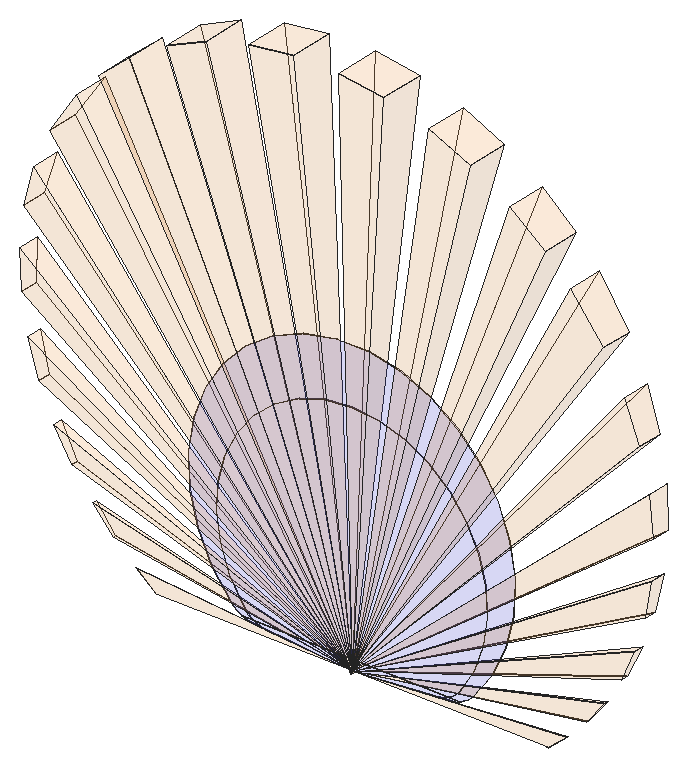
Revit family "Wall_Sensor-Dual-HCS-Switch", category Lighting Devices, host Face, Revit 2021
Family settings
  Host = Face
  Maintain Annotation Orientation = No
  Round Connector Dimension = Use Diameter
  Part Type = Normal
  OmniClass Number = 23.85.80.11.27
  OmniClass Title = Lighting Controls
  Cut with Voids When Loaded = No
  Shared = No
  Room Calculation Point = No
Parameters (values of type "LHMTS1")
  zz YesNo 2 = yes
  zz YesNo 1 = no
  zz Length 4 = 2.57"
  zz Length 3 = 1.70"
  zz Length 2 = 4.13"
  zz Length 1 = 1.72"
  Weight = 0.082 kg
  Wattage = 800 VA
  Warranty = "Five-year limited"  # constant formula
  Voltage = 120 V
  Ultrasonic Output = "40kHz output"  # constant formula
  Ultrasonic Minor Motion [instance] = yes
  Ultrasonic Major Motion [instance] = yes
  URL = "https://www.currentlighting.com/nxlightingcontrols"
  Type Comments = "Lighting Device"  # constant formula
  Time Delay = "4-30 minutes, self-adapts based on occupancy; Fixed mode: 4, 8, 15, and 30 minutes;Test mode: 5 seconds"  # constant formula
  Product Page URL = ""
  Product Material = Plastic - Light Almond
  Product Documentation Link = ""
  Power Factor = 1
  Photocell = "Natural light override range: 10-500 foot-candles"  # constant formula
  PIR Motion [instance] = yes
  Operating Temperature = "32° – 104°F (0° – 40°C)\r"  # constant formula
  Operating Mode = "Single Relay, One Button"
  Number of Poles = 1
  Mounting = "Single-gang NEMA-style switch box, Decorator-style wall plate sold separately"  # constant formula
  Model = "LHMTS1"
  Manufacturer = " NX Lighting Controls"  # constant formula
  Load Classification = Lighting
  Frequency = 60 Hz
  Field of View [instance] = yes
  Electrical Ratings = "120VAC; 277VAC; 347VAC"  # constant formula
  Description = "LightHAWK®2 Dual Technology Wall Switch Sensor"  # constant formula
  Default Elevation = 48.00"
  Coverage = "1,000 square-foot, 180° coverage area"  # constant formula
  Copyright = "Copyright © NX Lighting Controls"  # constant formula
  Contact Us = ""
  Connector Description 2 = "Controls"  # constant formula
  Connector Description 1 = "Power Supply"  # constant formula
  Certifications = "Listed UL and cUL"  # constant formula
  Assembly Code = "D5020120"
  Ambient Humidity Range = "0% to 95% Relative Humidity (non-condensing)"  # constant formula
Types (6): name | zz YesNo 2 | zz YesNo 1 | Operating Mode | Model
  LHMTS0 | no | no | "Single Relay, No Buttons" | "LHMTS0"
  LHMTS1 | yes | no | "Single Relay, One Button" | "LHMTS1"
  LHMTD0 | no | no | "Dual Relay(One Input / Two Outputs), No Buttons" | "LHMTD0"
  LHMTD2 | yes | yes | "Dual Relay(One Input / Two Outputs), Two Buttons" | "LHMTD2"
  LHDCMTD0 | no | no | "Dual Circuit(Two Inputs / Two Outputs), No Buttons" | "LHDCMTD0"
  LHDCMTD2 | yes | yes | "Dual Circuit(Two Inputs / Two Outputs), Two Buttons" | "LHDCMTD2"
Reference planes (in)
  plane 1 "Center (Front/Back)": y = 0
  plane 2: z = 0
  plane 3 "Center (Left/Right)": x = 0
  plane 4: x = -0.86
  plane 5: x = 0.86
  plane 6: y = 1.285
  plane 7: y = -1.285
  plane 8: x = 0.40844
  plane 9: x = -0.40844
  plane 10: y = 1.13865
  plane 11: y = 0.26347
  plane 12: y = -1.35
  plane 13: y = 1.35
  plane 14: z = 0.04
  plane 15: z = 0.57
  plane 16: x = 0.57326
  plane 17: x = -0.57326
  plane 18: y = -0.58465
  plane 19: y = -0.6664
  plane 20: y = -0.71099
  plane 21: y = -0.77292
  plane 22: y = -0.81751
  plane 23: y = -0.87944
  plane 24: y = -0.91659
  plane 25: y = -0.981
  plane 26: y = -1.01816
  plane 27: y = -1.08504
  plane 28: z = -1.13
  plane 29: y = -0.45397
  plane 30: y = -0.246
  plane 31: y = -0.16212
  plane 32: y = 0.04585
  plane 33: x = 1.25
  plane 34: x = -1.25
  plane 35: y = 2
  plane 36: y = -2
  plane 37: z = 0.28666
Forms (in)
  Blend 1, solid, material "Plastic - Light Almond" <- "Product Material"
    base sketch origin (0, 0, 0) x (1, 0, 0) y (0, 1, 0)
      loop
        line (-0.86, 1.35) -> (-0.86, -1.35) -> (0.86, -1.35) -> (0.86, 1.35) -> (-0.86, 1.35)
    top sketch origin (0, 0, 0) x (1, 0, 0) y (0, 1, 0)
      loop
        line (-0.65844, 1.285) -> (-0.65844, -1.285) -> (0.65844, -1.285) -> (0.65844, 1.285) -> (-0.65844, 1.285)
    from 0 to 0.57
  Extrusion 2, void
    sketch origin (0, 0, 0) x (1, 0, 0) y (0, 1, 0)
      loop
        line (-0.57326, -0.58465) -> (-0.57326, -0.6664) -> (0.57326, -0.6664) -> (0.57326, -0.58465) -> (-0.57326, -0.58465)
      loop
        line (-0.57326, -0.71099) -> (-0.57326, -0.77292) -> (0.57326, -0.77292) -> (0.57326, -0.71099) -> (-0.57326, -0.71099)
      loop
        line (-0.57326, -0.81751) -> (-0.57326, -0.87944) -> (0.57326, -0.87944) -> (0.57326, -0.81751) -> (-0.57326, -0.81751)
      loop
        line (-0.57326, -0.91659) -> (-0.57326, -0.981) -> (0.57326, -0.981) -> (0.57326, -0.91659) -> (-0.57326, -0.91659)
      loop
        line (-0.57326, -1.01816) -> (-0.57326, -1.08504) -> (0.57326, -1.08504) -> (0.57326, -1.01816) -> (-0.57326, -1.01816)
    from 0.04 to 0.57
  Extrusion 3, solid, material "Plastic - Light Almond" <- "Product Material"
    sketch origin (0, 0, 0) x (1, 0, 0) y (0, 0, 1)
      loop
        line (-0.86, 0) -> (-0.86, -1.13) -> (0.86, -1.13) -> (0.86, 0) -> (-0.86, 0)
    from -1.35 to 1.35
  Blend 4, solid, material "Plastic - Light Almond" <- "Product Material"
    base sketch origin (0, 0, 0) x (1, 0, 0) y (0, 1, 0)
      loop
        line (-0.75844, 1.31875) -> (-0.75844, -1.31875) -> (0.75844, -1.31875) -> (0.75844, 1.31875) -> (-0.75844, 1.31875)
    top sketch origin (0, 0, 0) x (1, 0, 0) y (0, 1, 0)
      loop
        line (-1.25, 2) -> (-1.25, -2) -> (1.25, -2) -> (1.25, 2) -> (-1.25, 2)
    from 0.28666 to 0
Cuts and joins
  Extrusion 2 cuts Blend 1
Lines and regions (in)
  model lines, style "Model"
    curve 1: line (-0.40844, 1.13865, 0.57) -> (0.40844, 1.13865, 0.57)
    curve 2: line (0.40844, 0.26347, 0.57) -> (-0.40844, 0.26347, 0.57)
    curve 3: line (0.40844, 1.13865, 0.57) -> (0.40844, 0.26347, 0.57)
    curve 79: line (-0.40844, 1.13865, 0.57) -> (-0.40844, 0.26347, 0.57)
  model lines, style "Model", visible <- "zz YesNo 1"
    curve 4: line (-0.40844, 0.04585, 0.57) -> (0.40844, 0.04585, 0.57)
    curve 5: line (0.40844, -0.16212, 0.57) -> (-0.40844, -0.16212, 0.57)
    curve 6: line (0.40844, 0.04585, 0.57) -> (0.40844, -0.16212, 0.57)
    curve 80: line (-0.40844, -0.16212, 0.57) -> (-0.40844, 0.04585, 0.57)
  symbolic lines, style "Symbolic Lines"
    curve 7: line (0.65844, 2.07051, 0) -> (-0.65844, 2.07051, 0)
    curve 8: line (0.65844, 1.74291, 0) -> (0.65844, 2.07051, 0)
    curve 9: line (0.40844, 1.74291, 0) -> (0.65844, 1.74291, 0)
    curve 10: line (-0.65844, 2.07051, 0) -> (-0.65844, 1.74291, 0)
    curve 11: line (-0.40844, 1.74291, 0) -> (-0.40844, 1.35, 0)
    curve 12: line (0.40844, 1.35, 0) -> (0.40844, 1.74291, 0)
    curve 13: line (0.86, 1.35, 0) -> (0.40844, 1.35, 0)
    curve 14: line (0.86, -1.35, 0) -> (0.86, 1.35, 0)
    curve 15: line (-0.86, 1.35, 0) -> (-0.86, -1.35, 0)
    curve 16: line (-0.40844, 1.35, 0) -> (-0.86, 1.35, 0)
    curve 17: line (0.40844, -1.74291, 0) -> (0.40844, -1.35, 0)
    curve 18: line (0.65844, -1.74291, 0) -> (0.40844, -1.74291, 0)
    curve 19: line (0.65844, -2.07051, 0) -> (0.65844, -1.74291, 0)
    curve 20: line (-0.65844, -2.07051, 0) -> (0.65844, -2.07051, 0)
    curve 21: line (-0.65844, -1.74291, 0) -> (-0.65844, -2.07051, 0)
    curve 22: line (-0.40844, -1.74291, 0) -> (-0.65844, -1.74291, 0)
    curve 23: line (-0.40844, -1.35, 0) -> (-0.40844, -1.74291, 0)
    curve 24: line (0.40844, -1.35, 0) -> (0.86, -1.35, 0)
    curve 25: line (-0.40844, -1.35, 0) -> (-0.86, -1.35, 0)
    curve 26: line (-0.40844, 1.74291, 0) -> (-0.65844, 1.74291, 0)
    curve 27: line (0.86, 0, -1.13) -> (0.86, 0, 0)
    curve 28: line (-0.86, 0, 0) -> (-0.86, 0, -1.13)
    curve 29: line (-0.86, 0, -1.13) -> (0.86, 0, -1.13)
    curve 30: line (0.40844, 0, 0.57) -> (-0.40844, 0, 0.57)
    curve 31: arc (0.40844, 0, 0.57) -> (0.59136, 0, 0.52027) -> (0.72393, 0, 0.38478) r 0.36131
    curve 32: line (-0.72393, 0, 0.38478) -> (-0.86, 0, 0)
    curve 33: line (0.72393, 0, 0.38478) -> (0.86, 0, 0)
    curve 34: line (0, -1.35, -1.13) -> (0, 1.35, -1.13)
    curve 35: line (0, -1.35, 0) -> (0, -1.35, -1.13)
    curve 36: line (0, 1.35, -1.13) -> (0, 1.35, 0)
    curve 37: line (0, 1.35, 0) -> (0, 1.74291, 0)
    curve 38: line (0, 1.74291, 0) -> (0, 2.07051, 0)
    curve 39: line (0, -1.61273, 0) -> (0, -1.35, 0)
    curve 40: line (0, -1.94034, 0) -> (0, -1.61273, 0)
    curve 41: line (0, 2.07051, 0) -> (0, 1.74291, 0)
    curve 42: line (0, 1.74291, 0) -> (0, 1.35, 0)
    curve 43: line (0, -1.35, 0) -> (0, -1.61273, 0)
    curve 44: line (0, -1.61273, 0) -> (0, -1.94034, 0)
    curve 45: line (0, -0.58465, 0.57) -> (0, -0.58465, 0.53036)
    curve 46: line (0, -0.58465, 0.53036) -> (0, -0.6664, 0.53036)
    curve 47: line (0, -0.6664, 0.53036) -> (0, -0.6664, 0.57)
    curve 48: line (0, -0.71099, 0.57) -> (0, -0.71099, 0.53036)
    curve 49: line (0, -0.71099, 0.53036) -> (0, -0.77292, 0.53036)
    curve 50: line (0, -0.77292, 0.53036) -> (0, -0.77292, 0.57)
    curve 51: line (0, -0.81751, 0.53036) -> (0, -0.87944, 0.53036)
    curve 52: line (0, -0.87944, 0.53036) -> (0, -0.87944, 0.57)
    curve 53: line (0, -0.91659, 0.57) -> (0, -0.91659, 0.53036)
    curve 54: line (0, -1.01816, 0.53036) -> (0, -1.08504, 0.53036)
    curve 55: line (0, -1.01816, 0.57) -> (0, -1.01816, 0.53036)
    curve 56: line (0, -1.08504, 0.53036) -> (0, -1.08504, 0.57)
    curve 57: line (0, -0.58465, 0.57) -> (0, 1.285, 0.57)
    curve 58: line (0, -1.285, 0.57) -> (0, -1.08504, 0.57)
    curve 59: line (0, -1.01816, 0.57) -> (0, -0.981, 0.57)
    curve 60: line (0, -0.91659, 0.57) -> (0, -0.87944, 0.57)
    curve 61: line (0, -0.81751, 0.57) -> (0, -0.77292, 0.57)
    curve 62: line (0, -0.71099, 0.57) -> (0, -0.6664, 0.57)
    curve 63: line (0, 1.285, 0.57) -> (0, 1.35, 0)
    curve 64: line (0, -1.285, 0.57) -> (0, -1.35, 0)
    curve 78: arc (-0.40844, 0, 0.57) -> (-0.59136, 0, 0.52027) -> (-0.72393, 0, 0.38478) r 0.36131
  model lines, style "Model", visible <- "zz YesNo 2"
    curve 65: line (-0.40844, -0.246, 0.57) -> (0.40844, -0.246, 0.57)
    curve 66: line (0.40844, -0.45397, 0.57) -> (-0.40844, -0.45397, 0.57)
    curve 67: line (0.40844, -0.246, 0.57) -> (0.40844, -0.45397, 0.57)
    curve 81: line (-0.40844, -0.246, 0.57) -> (-0.40844, -0.45397, 0.57)
  symbolic lines
    curve 68: line (-0.86, 1.35, 0) -> (0.86, 1.35, 0)
    curve 69: line (-0.86, -1.35, 0) -> (-0.86, 1.35, 0)
    curve 70: line (0.86, -1.35, 0) -> (-0.86, -1.35, 0)
    curve 71: line (0.86, 1.35, 0) -> (0.86, -1.35, 0)
    curve 82: line (0, -0.91659, 0.53036) -> (0, -0.981, 0.53036)
    curve 83: line (0, -0.981, 0.53036) -> (0, -0.981, 0.57)
    curve 84: line (0, -0.81751, 0.53036) -> (0, -0.81751, 0.57)
    curve 85: line (-1.25, 2, 0) -> (1.25, 2, 0)
    curve 86: line (-1.25, -2, 0) -> (-1.25, 2, 0)
    curve 87: line (1.25, -2, 0) -> (-1.25, -2, 0)
    curve 88: line (1.25, 2, 0) -> (1.25, -2, 0)
    curve 93: line (1.25, 0, 0) -> (-1.25, 0, 0)
    curve 94: line (-1.25, 0, 0) -> (-0.75868, 0, 0.28651)
    curve 95: line (1.25, 0, 0) -> (0.75868, 0, 0.28651)
  reference lines
    curve 72: line (-0.73803, 0, 0.57) -> (-0.73803, 0, 0.36887)
    curve 73: line (-0.73803, 0, 0.57) -> (-0.40844, 0, 0.57)
    curve 74: arc (-0.73803, 0, 0.36887) -> (-0.60149, 0, 0.51575) -> (-0.40844, 0, 0.57) r 0.37062
    curve 75: line (0.73803, 0, 0.57) -> (0.73803, 0, 0.36887)
    curve 76: line (0.73803, 0, 0.57) -> (0.40844, 0, 0.57)
    curve 77: arc (0.73803, 0, 0.36887) -> (0.60149, 0, 0.51575) -> (0.40844, 0, 0.57) r 0.37062
  symbolic lines, detail levels fine
    curve 89: line (-0.86, 1.35, 0) -> (-1.25, 2, 0)
    curve 90: line (0.86, 1.35, 0) -> (1.25, 2, 0)
    curve 91: line (-0.86, -1.35, 0) -> (-1.25, -2, 0)
    curve 92: line (0.86, -1.35, 0) -> (1.25, -2, 0)
Dimensions and locks (in)
  "zz Length 1": plane 4 to plane 5
  equal spacing: plane 6, plane 1 "Center (Front/Back)", plane 7
  "zz Length 4": plane 6 to plane 7
  locked: plane 14 to level at 0.04
  locked: plane 15 to plane 14 at 0.53
  "zz Length 3": plane 15 to plane 28
  equal spacing: plane 4, plane 3 "Center (Left/Right)", plane 5
  plane 17 to plane 9 to plane 3 "Center (Left/Right)" to plane 8 to plane 16 = 0.16482" locked, 0.40844" locked, 0.40844" locked, 0.16482" locked
  plane 18 to plane 19 to plane 20 to plane 21 to plane 22 to plane 23 to plane 24 to plane 25 to plane 26 to plane 27 = 0.08175" locked, 0.04459" locked, 0.06193" locked, 0.04459" locked, 0.06193" locked, 0.03716" locked, 0.06441" locked, 0.03716" locked, 0.06688" locked
  plane 1 "Center (Front/Back)" to plane 11 to plane 10 to plane 6 to plane 13 = 0.26347", 0.87519", 0.14635", 0.065"
  plane 32 to plane 31 to plane 30 to plane 29 to plane 18 = 0.20797" locked, 0.08388" locked, 0.20797" locked, 0.13068" locked
  plane 13 to plane 1 "Center (Front/Back)" to plane 12 = 1.35" locked, 1.35" locked
  equal spacing: plane 34, plane 3 "Center (Left/Right)", plane 33, locked at 1.25 each
  equal spacing: plane 35, plane 1 "Center (Front/Back)", plane 36, locked at 2 each
  locked: plane 37 to plane 2 at 0.28666
  aligned and locked: plane 2 to host face
  aligned and locked: level to host face
  aligned and locked: Blend 1 sketch curve to plane 6
  aligned and locked: Blend 1 sketch curve to plane 7
  aligned and locked: plane 15 to Blend 1
  aligned and locked: curve 1 to plane 10
  aligned and locked: plane 11 to curve 2
  aligned and locked: plane 8 to curve 6
  aligned and locked: Extrusion 2 sketch curve to plane 18
  aligned and locked: plane 17 to Extrusion 2 sketch curve  (x5)
  aligned and locked: plane 19 to Extrusion 2 sketch curve
  aligned and locked: plane 16 to Extrusion 2 sketch curve  (x5)
  aligned and locked: Extrusion 2 sketch curve to plane 20
  aligned and locked: plane 21 to Extrusion 2 sketch curve
  aligned and locked: Extrusion 2 sketch curve to plane 22
  aligned and locked: plane 23 to Extrusion 2 sketch curve
  aligned and locked: Extrusion 2 sketch curve to plane 24
  aligned and locked: plane 25 to Extrusion 2 sketch curve
  aligned and locked: Extrusion 2 sketch curve to plane 26
  aligned and locked: plane 27 to Extrusion 2 sketch curve
  aligned and locked: Blend 1 to Extrusion 2
  aligned and locked: plane 8 to curve 3
  aligned and locked: plane 28 to Extrusion 3 sketch curve
  aligned and locked: plane 5 to Extrusion 3 sketch curve
  aligned and locked: plane 13 to Extrusion 3
  aligned and locked: plane 12 to Extrusion 3
  aligned and locked: nested 1 to plane 1 "Center (Front/Back)"
  aligned and locked: plane 3 "Center (Left/Right)" to nested 1
  aligned and locked: plane 5 to Blend 1 sketch curve
  aligned and locked: Blend 1 sketch curve to plane 12
  aligned and locked: plane 4 to Blend 1 sketch curve
  aligned and locked: Blend 1 sketch curve to plane 13
  aligned and locked: Extrusion 3 to plane 4
  aligned and locked: Extrusion 3 to plane 28
  aligned and locked: Extrusion 3 to plane 5
  aligned and locked: host face to Extrusion 3
  aligned and locked: plane 12 to curve 24
  aligned and locked: curve 25 to plane 12
  aligned and locked: cut or joined group of Blend 1, Extrusion 2 to curve 32
  aligned and locked: curve 33 to cut or joined group of Blend 1, Extrusion 2
  aligned and locked: plane 15 to curve 57
  aligned and locked: curve 58 to cut or joined group of Blend 1, Extrusion 2
  aligned and locked: curve 60 to plane 15
  aligned and locked: curve 61 to plane 15
  aligned and locked: curve 62 to plane 15
  aligned and locked: plane 15 to curve 59
  aligned and locked: curve 63 to cut or joined group of Blend 1, Extrusion 2
  aligned and locked: cut or joined group of Blend 1, Extrusion 2 to curve 64
  aligned and locked: Blend 1 to level
  aligned and locked: plane 29 to curve 66
  aligned and locked: plane 30 to curve 65
  aligned and locked: plane 31 to curve 5
  aligned and locked: plane 32 to curve 4
  aligned and locked: plane 5 to curve 71
  aligned and locked: curve 68 to plane 13
  aligned and locked: curve 70 to plane 12
  aligned and locked: plane 4 to curve 69
  aligned and locked: curve 79 to plane 9
  aligned and locked: plane 9 to curve 80
  aligned and locked: curve 81 to plane 9
  aligned and locked: plane 8 to curve 67
  aligned and locked: curve 27 to plane 5
  aligned and locked: plane 18 to curve 45
  aligned and locked: plane 20 to curve 48
  aligned and locked: curve 47 to plane 19
  aligned and locked: curve 50 to plane 21
  aligned and locked: curve 84 to plane 22
  aligned and locked: curve 52 to plane 23
  aligned and locked: plane 24 to curve 53
  aligned and locked: curve 83 to plane 25
  aligned and locked: plane 26 to curve 55
  aligned and locked: curve 56 to plane 27
  aligned and locked: curve 36 to plane 13
  aligned and locked: plane 28 to curve 34
  aligned and locked: curve 35 to plane 12
  aligned and locked: Extrusion 2 to plane 14
  aligned and locked: plane 37 to Blend 4
  aligned and locked: Blend 4 to plane 2
  aligned and locked: plane 34 to Blend 4 sketch curve
  aligned and locked: Blend 4 sketch curve to plane 35
  aligned and locked: plane 33 to Blend 4 sketch curve
  aligned and locked: Blend 4 sketch curve to plane 36
  aligned and locked: curve 85 to Blend 4
  aligned and locked: curve 86 to Blend 4
  aligned and locked: curve 87 to Blend 4
  aligned and locked: curve 88 to Blend 4
Automatic sketch dimensions
  host sketch curve to host sketch curve = 96.00"  (x2)
  Extrusion 3 sketch curve to plane 4 = 0.00"
  Extrusion 3 sketch curve to level = 0.00"
  curve 73 to plane 15 = 0.00"
  curve 74 to plane 9 = 0.00"
  curve 73 to plane 9 = 0.00"
  plane 8 to curve 77 = 0.00"
  plane 8 to curve 76 = 0.00"
  curve 75 to plane 15 = 0.00"
  curve 74 to plane 15 = 0.00"
  curve 77 to plane 15 = 0.00"
  plane 4 to curve 72 = 0.12197"
  plane 5 to curve 75 = 0.12197"
  curve 74 to curve 72 = 0.20113"
  curve 75 to curve 75 = 0.20113"
  curve 43 to curve 35 = 0.26273"
  curve 40 to curve 39 = 0.32761"
  curve 44 to curve 40 = 0.00"
  plane 13 to curve 42 = 0.39291"
  curve 37 to curve 41 = 0.32761"
  curve 38 to curve 41 = 0.00"
  curve 46 to plane 15 = 0.03964"
  curve 83 to plane 15 = 0.03964"
  curve 48 to plane 15 = 0.03964"
  curve 51 to plane 15 = 0.03964"
  curve 54 to curve 82 = 0.00"
  Blend 1 sketch curve to plane 16 = 0.08518"
  Blend 1 sketch curve to plane 17 = 0.08518"
  Blend 4 sketch curve to plane 12 = 0.03125"
  plane 4 to Blend 4 sketch curve = 0.10156"
  plane 5 to Blend 4 sketch curve = 0.10156"
  Blend 4 sketch curve to plane 13 = 0.03125"
  curve 26 to plane 9 = 0.00"
  curve 23 to plane 9 = 0.00"
  curve 13 to plane 8 = 0.00"
  curve 24 to plane 8 = 0.00"
  curve 22 to plane 17 = 0.08518"
  curve 10 to plane 17 = 0.08518"
  curve 19 to plane 16 = 0.08518"
  curve 9 to plane 16 = 0.08518"
  plane 36 to curve 21 = 0.07051"
  curve 19 to plane 36 = 0.25709"
  curve 22 to plane 36 = 0.25709"
  curve 26 to plane 35 = 0.25709"
  curve 9 to plane 35 = 0.25709"
  plane 35 to curve 10 = 0.07051"
  curve 93 to level = 0.00"
  curve 93 to plane 34 = 0.00"
  curve 28 to plane 4 = 0.00"
  curve 78 to plane 9 = 0.00"
  plane 8 to curve 31 = 0.00"
  plane 33 to curve 95 = 0.00"
  curve 29 to plane 28 = 0.00"
  curve 78 to plane 15 = 0.00"
  plane 4 to curve 32 = 0.13607"
  plane 5 to curve 33 = 0.13607"
  curve 94 to plane 37 = 0.00014"
  curve 95 to plane 37 = 0.00014"
Nested families (in)
  nested 1: "Field of View-Dual" at (0, 0, 0), type "Field of View-Dual"
Connectors (in)
  electrical at (0, 0, 0), driven by "Connector Description 2"
    settings: on Extrusion 3, index 2, voltage 0 V, apparent load 0 VA, apparent load phase1 0 VA, apparent load phase2 0 VA, apparent load phase3 0 VA, power factor 1, load classification "Other", number of poles 1, system type 13, power factor state 1, is connector primary yes, connector utility no, sub classification motor no, connector description "Controls"
  electrical at (0, 0, -1.13), driven by "Voltage", driven by "Wattage", driven by "Power Factor", driven by "Load Classification", driven by "Connector Description 1", driven by "Number of Poles"
    settings: on Extrusion 3, index 3, voltage 120 V, apparent load 800 VA, apparent load phase1 0 VA, apparent load phase2 0 VA, apparent load phase3 0 VA, power factor 1, load classification "Lighting", number of poles 1, system type 30, power factor state 1, is connector primary no, connector utility no, sub classification motor no, connector description "Power Supply"
Definition of nested family "Field of View-Dual"
  Parameters
    zz YesNo 3 = and(Field of View, Ultrasonic Minor Motion)  # yes
    zz YesNo 2 = and(Field of View, Ultrasonic Major Motion)  # yes
    zz YesNo 1 = and(Field of View, PIR Motion)  # yes
    Ultrasonic Minor Motion = yes
    Ultrasonic Major Motion = yes
    PIR Motion = yes
    Field of View = yes
    Default Elevation = 0.00"
  Reference planes (in)
    plane 1 "Center (Front/Back)": y = 0
    plane 2: z = 0
    plane 3 "Center (Left/Right)": x = 0
    plane 4: z = 600
    plane 5: x = 336
    plane 6: x = -336
    plane 7: y = -48
    plane 8: z = 240
    plane 9: x = -144
    plane 10: x = 144
  Forms (in)
    Extrusion 1, solid, visible <- "zz YesNo 1"
      sketch origin (0, 0, 0) x (1, 0, 0) y (0, 0, 1)
        loop
          arc (-0.855, 0) -> (-0.85431, 0.03443) -> (-0.85223, 0.0688) r 0.855
          line (-0.85223, 0.0688) -> (-229.48381, 18.52585)
          arc (-229.48381, 18.52585) -> (-218.89257, 9.03458) -> (-207.90916, 0) r 336
          line (-207.90916, 0) -> (-0.855, 0)
        loop
          arc (-0.84393, 0.13715) -> (-0.83772, 0.17102) -> (-0.83016, 0.20461) r 0.855
          line (-0.83016, 0.20461) -> (-272.311, 67.11863)
          arc (-272.311, 67.11863) -> (-262.09605, 53.70843) -> (-251.22137, 40.82745) r 336
          line (-251.22137, 40.82745) -> (-0.84393, 0.13715)
        loop
          arc (-0.811, 0.27075) -> (-0.79944, 0.30319) -> (-0.78658, 0.33513) r 0.855
          line (-0.78658, 0.33513) -> (-308.82637, 131.57862)
          arc (-308.82637, 131.57862) -> (-300.81456, 114.262) -> (-291.83272, 97.42808) r 336
          line (-291.83272, 97.42808) -> (-0.811, 0.27075)
        loop
          arc (-0.75706, 0.39734) -> (-0.74045, 0.4275) -> (-0.72264, 0.45697) r 0.855
          line (-0.72264, 0.45697) -> (-331.58886, 209.68409)
          arc (-331.58886, 209.68409) -> (-327.60082, 189.29312) -> (-322.36009, 169.18763) r 336
          line (-322.36009, 169.18763) -> (-0.75706, 0.39734)
        loop
          arc (-0.68352, 0.51363) -> (-0.66229, 0.54074) -> (-0.63998, 0.56697) r 0.855
          line (-0.63998, 0.56697) -> (-334.44022, 296.28818)
          arc (-334.44022, 296.28818) -> (-335.83949, 274.33472) -> (-335.79923, 252.33675) r 336
          line (-335.79923, 252.33675) -> (-0.68352, 0.51363)
        loop
          arc (-0.59228, 0.61663) -> (-0.56697, 0.63998) -> (-0.54074, 0.66229) r 0.855
          line (-0.54074, 0.66229) -> (-313.7274, 384.24631)
          arc (-313.7274, 384.24631) -> (-321.17747, 362.64701) -> (-327.14241, 340.59133) r 336
          line (-327.14241, 340.59133) -> (-0.59228, 0.61663)
        loop
          arc (-0.4857, 0.70365) -> (-0.45697, 0.72264) -> (-0.4275, 0.74045) r 0.855
          line (-0.4275, 0.74045) -> (-262.55102, 473.6238)
          arc (-262.55102, 473.6238) -> (-279.38682, 450.60243) -> (-294.20961, 426.23621) r 336
          line (-294.20961, 426.23621) -> (-0.4857, 0.70365)
        loop
          arc (-0.36653, 0.77245) -> (-0.33513, 0.78658) -> (-0.30319, 0.79944) r 0.855
          line (-0.30319, 0.79944) -> (-201.94678, 532.4899)
          arc (-201.94678, 532.4899) -> (-220.45456, 517.51648) -> (-237.85564, 501.27015) r 336
          line (-237.85564, 501.27015) -> (-0.36653, 0.77245)
        loop
          arc (-0.23788, 0.82124) -> (-0.20461, 0.83016) -> (-0.17102, 0.83772) r 0.855
          line (-0.17102, 0.83772) -> (-118.10358, 578.50962)
          arc (-118.10358, 578.50962) -> (-140.28939, 569.26147) -> (-161.75728, 558.4509) r 336
          line (-161.75728, 558.4509) -> (-0.23788, 0.82124)
        loop
          arc (-0.10306, 0.84877) -> (-0.0688, 0.85223) -> (-0.03443, 0.85431) r 0.855
          line (-0.03443, 0.85431) -> (-24.14217, 599.08189)
          arc (-24.14217, 599.08189) -> (-48.14643, 596.48292) -> (-71.90208, 592.16687) r 336
          line (-71.90208, 592.16687) -> (-0.10306, 0.84877)
        loop
          line (0.23788, 0.82124) -> (161.75728, 558.4509)
          arc (161.75728, 558.4509) -> (140.28939, 569.26147) -> (118.10358, 578.50962) r 336
          line (118.10358, 578.50962) -> (0.17102, 0.83772)
          arc (0.17102, 0.83772) -> (0.20461, 0.83016) -> (0.23788, 0.82124) r 0.855
        loop
          line (0.10306, 0.84877) -> (71.90208, 592.16687)
          arc (71.90208, 592.16687) -> (48.14643, 596.48292) -> (24.14217, 599.08189) r 336
          line (24.14217, 599.08189) -> (0.03443, 0.85431)
          arc (0.03443, 0.85431) -> (0.0688, 0.85223) -> (0.10306, 0.84877) r 0.855
        loop
          line (0.855, 0) -> (207.90916, 0)
          arc (207.90916, 0) -> (218.89257, 9.03458) -> (229.48381, 18.52585) r 336
          line (229.48381, 18.52585) -> (0.85223, 0.0688)
          arc (0.85223, 0.0688) -> (0.85431, 0.03443) -> (0.855, 0) r 0.855
        loop
          line (0.84393, 0.13715) -> (251.22137, 40.82745)
          arc (251.22137, 40.82745) -> (262.09605, 53.70843) -> (272.311, 67.11863) r 336
          line (272.311, 67.11863) -> (0.83016, 0.20461)
          arc (0.83016, 0.20461) -> (0.83772, 0.17102) -> (0.84393, 0.13715) r 0.855
        loop
          line (0.811, 0.27075) -> (291.83272, 97.42808)
          arc (291.83272, 97.42808) -> (300.81456, 114.262) -> (308.82637, 131.57862) r 336
          line (308.82637, 131.57862) -> (0.78658, 0.33513)
          arc (0.78658, 0.33513) -> (0.79944, 0.30319) -> (0.811, 0.27075) r 0.855
        loop
          line (0.75706, 0.39734) -> (322.36009, 169.18763)
          arc (322.36009, 169.18763) -> (327.60082, 189.29312) -> (331.58886, 209.68409) r 336
          line (331.58886, 209.68409) -> (0.72264, 0.45697)
          arc (0.72264, 0.45697) -> (0.74045, 0.4275) -> (0.75706, 0.39734) r 0.855
        loop
          line (0.68352, 0.51363) -> (335.79923, 252.33675)
          arc (335.79923, 252.33675) -> (335.83949, 274.33472) -> (334.44022, 296.28818) r 336
          line (334.44022, 296.28818) -> (0.63998, 0.56697)
          arc (0.63998, 0.56697) -> (0.66229, 0.54074) -> (0.68352, 0.51363) r 0.855
        loop
          line (0.59228, 0.61663) -> (327.14241, 340.59133)
          arc (327.14241, 340.59133) -> (321.17747, 362.64701) -> (313.7274, 384.24631) r 336
          line (313.7274, 384.24631) -> (0.54074, 0.66229)
          arc (0.54074, 0.66229) -> (0.56697, 0.63998) -> (0.59228, 0.61663) r 0.855
        loop
          line (0.4857, 0.70365) -> (294.20961, 426.23621)
          arc (294.20961, 426.23621) -> (279.38682, 450.60243) -> (262.55102, 473.6238) r 336
          line (262.55102, 473.6238) -> (0.4275, 0.74045)
          arc (0.4275, 0.74045) -> (0.45697, 0.72264) -> (0.4857, 0.70365) r 0.855
        loop
          line (0.36653, 0.77245) -> (237.85564, 501.27015)
          arc (237.85564, 501.27015) -> (220.45456, 517.51648) -> (201.94678, 532.4899) r 336
          line (201.94678, 532.4899) -> (0.30319, 0.79944)
          arc (0.30319, 0.79944) -> (0.33513, 0.78658) -> (0.36653, 0.77245) r 0.855
      from -0.5 to 48.048
    Extrusion 2, solid, visible <- "zz YesNo 2"
      sketch origin (0, 0, 0) x (1, 0, 0) y (0, 0, 1)
        loop
          arc (127.73728, 19.85099) -> (0, 312) -> (-127.73728, 19.85099) r 174
          arc (-127.73728, 19.85099) -> (-117.04744, 11.91819) -> (-104.20567, 8.41235) r 36
          line (-104.20567, 8.41235) -> (0, 0) -> (104.20567, 8.41235)
          arc (104.20567, 8.41235) -> (117.04744, 11.91819) -> (127.73728, 19.85099) r 36
      from -0.504 to 0.504
    Extrusion 3, solid, visible <- "zz YesNo 3"
      sketch origin (0, 0, 0) x (1, 0, 0) y (0, 0, 1)
        loop
          arc (115.08492, 21.44677) -> (0, 252) -> (-115.08492, 21.44677) r 144
          arc (-115.08492, 21.44677) -> (-103.67588, 11.54852) -> (-89.21049, 7.20181) r 36
          line (-89.21049, 7.20181) -> (0, 0) -> (89.21049, 7.20181)
          arc (89.21049, 7.20181) -> (103.67588, 11.54852) -> (115.08492, 21.44677) r 36
      from -0.504 to 0.504
    Extrusion 4, void
      sketch origin (0, 0, 0) x (0, 1, 0) y (0, 0, 1)
        loop
          line (-48.048, 0) -> (0.46846, 0) -> (-48.048, 600) -> (-48.048, 0)
      from -411.56279 to 424.17576
  Cuts and joins
    Extrusion 4 cuts Extrusion 1
    Extrusion 4 cuts Extrusion 2
    Extrusion 4 cuts Extrusion 3
  Dimensions and locks (in)
    plane 5 to plane 3 "Center (Left/Right)" to plane 6 = 336.00", 336.00"
    plane 1 "Center (Front/Back)" to plane 7 = 48.00"
    plane 8 to cut or joined group of Extrusion 1, Extrusion 4 = 240.00"
    plane 10 to plane 3 "Center (Left/Right)" to plane 9 = 144.00", 144.00"
    plane 4 to cut or joined group of Extrusion 1, Extrusion 4 = 600.00"
    aligned and locked: plane 2 to level
